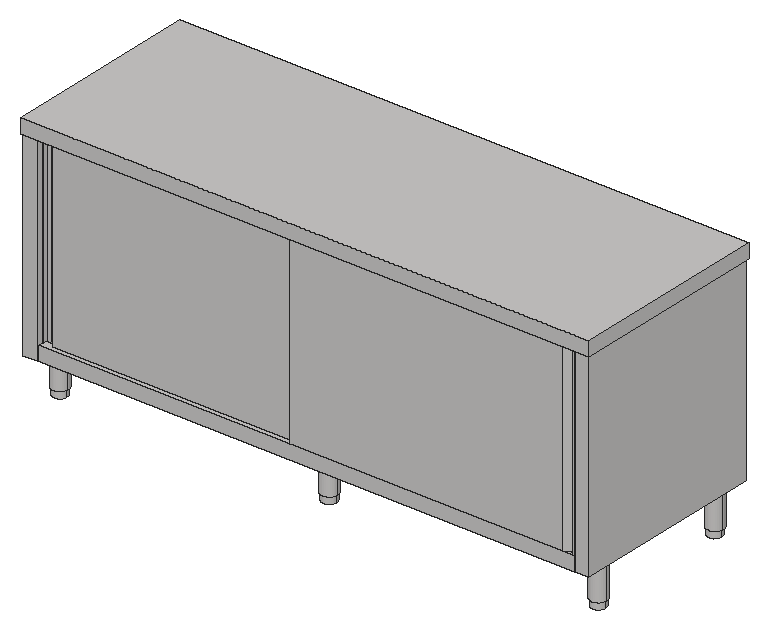
Revit family "QF_ELECTROLUXPROFESSIONAL_132775_MTN2000PN", category Attrezzature speciali, Revit 2020
Family settings
  Quota connettore circolare = Usa diametro
  Tipo di parte = Normale
  Basato su piano di lavoro = No
  Sempre verticale = Sì
  Taglio con vuoti quando caricato = No
  Condiviso = No
  Punto di calcolo locali = No
Parameters (values of type "Standard")
  Weight = 75.00 kg
  Watts = 0 W
  Volts = 0 V
  URL Manufacturer = "https://www.electroluxprofessional.com/"
  URL = "https://www.electroluxprofessional.com/"
  Steam Supply Size = 0 mm
  Steam Supply Minimum Pressure = 0.0 Pa
  Steam Supply Maximum Pressure = 0.0 Pa
  Steam Consumption per Hour = 0
  Refrigeration Suction Line Size = 0.0 mm
  Refrigeration Liquid Line Size = 0.0 mm
  Refrigerant Compressor Remote = yes
  Prospetto di default = 0.0 mm
  Produttore = "Electrolux Professional"
  Phase = 0
  Modello = "MTN2000PN"
  Length Actual = 2000.0 mm  # constant formula
  Item Number = "132775"
  Hot Water Size = 0 mm
  Height Actual = 900.0 mm  # constant formula
  HP = "0 HP"
  Gas Size = 0 mm
  Gas KW = 0
  Gas Input Pressure = 0 W
  Direct Waste Size = 0 mm
  Descrizione = "WORKTOP CUPB.+SHELF+SLIDING DOORS 2000MM"
  Depth Actual = 700.0 mm  # constant formula
  Cycle = 0 Hz
  Condensate Return Size = 0 mm
  Compressed Air Volume = 0.0 L/s
  Compressed Air Size = 0 mm
  Compressed Air Pressure = 0.0 Pa
  Cold Water Size = 0 mm
  Accessory = yes
Reference planes
  plane 1 "Center (Front/Back)": y = 0
  plane 2: z = 0
  plane 3 "Center (Left/Right)": x = -500
  plane 4 "LEFT": x = -1500
  plane 5 "RIGHT": x = 500
  plane 6 "BACK": y = 350
  plane 7 "FRONT": y = -350
  plane 8 "Base": z = 850
  plane 9 "TOP": z = 900
  plane 10: x = -1446.9
  plane 11: x = 446.9
  plane 12: y = 270
  plane 13: y = -241.9
  plane 14 "BodyLeft": x = -1494.5
  plane 15 "BodyFront": y = -344.5
  plane 16 "BodyRight": x = 494.5
  plane 17 "BodyBack": y = 344.5
  plane 18 "FEET": z = 150
  plane 19: x = -444.5
  plane 20: x = -555.5
Forms (mm)
  Extrusion 1, solid, material "QF_Finishes_Stainless Steel"
    sketch origin (-500, 0, 0) x (0, 1, 0) y (0, 0, 1)
      loop
        line (-350, 850) -> (350, 850) -> (350, 900) -> (-350, 900) -> (-350, 850)
    from 1000 to -1000
  Extrusion 2, solid, material "QF_Finishes_Stainless Steel"
    sketch origin (0, 0, 150) x (-1, 0, 0) y (0, -1, 0)
      loop
        line (1494.5, -344.5) -> (1494.5, 344.5) -> (1444.5, 344.5) -> (1444.5, -344.5) -> (1494.5, -344.5)
      loop
        line (-444.5, -344.5) -> (-444.5, 344.5) -> (-494.5, 344.5) -> (-494.5, -344.5) -> (-444.5, -344.5)
    from 0 to 700
  Extrusion 3, solid, material "QF_Finishes_Stainless Steel"
    sketch origin (0, 0, 150) x (-1, 0, 0) y (0, -1, 0)
      loop
        line (1443.585, -344.5) -> (1443.585, 344.5) -> (-444.5, 344.5) -> (-444.5, -344.5) -> (1443.585, -344.5)
    from 0 to 50
  Extrusion 4, solid, material "QF_Finishes_Stainless Steel"
    sketch origin (0, 0, 150) x (-1, 0, 0) y (0, -1, 0)
      loop
        line (1443.585, -344.5) -> (1443.585, -294.5) -> (-444.5, -294.5) -> (-444.5, -344.5) -> (1443.585, -344.5)
    from 50 to 700
  Extrusion 5, solid, material "QF_Finishes_Stainless Steel"
    sketch origin (0, 0, 150) x (-1, 0, 0) y (0, -1, 0)
      loop
        line (-444.5, 344.5) -> (-444.5, 324.5) -> (555.5, 324.5) -> (555.5, 344.5) -> (-404.5, 344.5) -> (-424.5, 329.5) -> (-439.5, 329.5) -> (-439.5, 344.5) -> (-444.5, 344.5)
    from 50 to 700
  Extrusion 6, solid, material "QF_Finishes_Stainless Steel"
    sketch origin (0, 20, 150) x (1, 0, 0) y (0, 1, 0)
      loop
        line (-1444.5, -344.5) -> (-1439.5, -344.5) -> (-1439.5, -329.5) -> (-1424.5, -329.5) -> (-1404.5, -344.5) -> (-444.5, -344.5) -> (-444.5, -324.5) -> (-1444.5, -324.5) -> (-1444.5, -344.5)
    from 50 to 700
Lines and regions (mm)
  symbolic lines
    curve 1: line (500, 350, 900) -> (-1500, 350, 900)
    curve 2: line (-1500, 350, 900) -> (-1500, -350, 900)
    curve 3: line (-1500, -350, 900) -> (500, -350, 900)
    curve 4: line (500, -350, 900) -> (500, 350, 900)
  symbolic lines, style "SpecialityEquipmentHiddenLines"
    curve 5: line (-1494.5, 344.5, 150) -> (494.5, 344.5, 150)
    curve 6: line (-1494.5, -344.5, 150) -> (-1494.5, 344.5, 150)
    curve 7: line (494.5, -344.5, 150) -> (-1494.5, -344.5, 150)
    curve 8: line (494.5, 344.5, 150) -> (494.5, -344.5, 150)
    curve 9: line (-1444.5, -304.5, 150) -> (-444.5, -304.5, 150)
    curve 10: line (-444.5, -304.5, 150) -> (-444.5, -324.5, 150)
    curve 11: line (-1444.5, -324.5, 150) -> (444.5, -324.5, 150)
    curve 12: line (444.5, -324.5, 150) -> (444.5, -344.5, 150)
    curve 13: line (-555.5, -324.5, 150) -> (-555.5, -344.5, 150)
    curve 14: line (-1444.5, -304.5, 150) -> (-1444.5, -324.5, 150)
Dimensions and locks
  plane 4 "LEFT" to plane 5 "RIGHT" = 2000.0 mm
  equal spacing: plane 4 "LEFT", plane 3 "Center (Left/Right)", plane 5 "RIGHT"
  locked: plane 8 "Base" to level at 850
  plane 9 "TOP" to level = 900.0 mm
  plane 6 "BACK" to plane 7 "FRONT" = 700.0 mm
  equal spacing: plane 6 "BACK", plane 1 "Center (Front/Back)", plane 7 "FRONT"
  locked: plane 4 "LEFT" to plane 14 "BodyLeft" at 5.5
  locked: plane 16 "BodyRight" to plane 5 "RIGHT" at 5.5
  locked: plane 15 "BodyFront" to plane 7 "FRONT" at 5.5
  locked: plane 6 "BACK" to plane 17 "BodyBack" at 5.5
  locked: plane 14 "BodyLeft" to plane 10 at 47.6
  locked: plane 11 to plane 16 "BodyRight" at 47.6
  locked: plane 13 to plane 15 "BodyFront" at 102.6
  locked: plane 17 "BodyBack" to plane 12 at 74.5
  plane 10 to plane 11 = 1893.8 mm
  plane 12 to plane 13 = 511.9 mm
  locked: plane 14 "BodyLeft" to Extrusion 2 sketch curve at 50
  locked: Extrusion 2 sketch curve to Extrusion 2 sketch curve at 50
  Extrusion 3 to Extrusion 4 sketch curve = 50.0 mm
  Extrusion 2 to plane 19 = 1000.0 mm
  plane 20 to Extrusion 2 = 1000.0 mm
  locked: plane 18 "FEET" to level at 150
  aligned and locked: level to plane 2
  aligned and locked: plane 10 to nested 1
  aligned and locked: nested 1 to plane 13
  aligned and locked: plane 11 to nested 2
  aligned and locked: nested 2 to plane 13
  aligned and locked: plane 11 to nested 4
  aligned and locked: nested 4 to plane 12
  aligned and locked: plane 10 to nested 3
  aligned and locked: nested 3 to plane 12
  aligned and locked: Extrusion 1 to plane 4 "LEFT"
  aligned and locked: plane 5 "RIGHT" to Extrusion 1
  aligned and locked: curve 2 to plane 4 "LEFT"
  aligned and locked: plane 17 "BodyBack" to Extrusion 2 sketch curve
  aligned and locked: Extrusion 2 sketch curve to plane 15 "BodyFront"
  aligned and locked: Extrusion 2 sketch curve to plane 14 "BodyLeft"
  aligned and locked: plane 16 "BodyRight" to Extrusion 2 sketch curve
  aligned and locked: Extrusion 2 sketch curve to plane 17 "BodyBack"
  aligned and locked: plane 15 "BodyFront" to Extrusion 2 sketch curve
  aligned and locked: Extrusion 3 sketch curve to plane 17 "BodyBack"
  aligned and locked: plane 15 "BodyFront" to Extrusion 3 sketch curve
  aligned and locked: plane 8 "Base" to Extrusion 2
  aligned and locked: Extrusion 4 sketch curve to Extrusion 3
  aligned and locked: plane 8 "Base" to Extrusion 5
  aligned and locked: Extrusion 5 to Extrusion 3
  aligned and locked: Extrusion 6 sketch curve to plane 19
  aligned and locked: Extrusion 5 sketch curve to plane 20
  aligned and locked: Extrusion 1 to plane 8 "Base"
  aligned and locked: plane 9 "TOP" to Extrusion 1
  aligned and locked: curve 5 to plane 17 "BodyBack"
  aligned and locked: plane 14 "BodyLeft" to curve 6
  aligned and locked: plane 15 "BodyFront" to curve 7
  aligned and locked: plane 16 "BodyRight" to curve 8
  aligned and locked: plane 3 "Center (Left/Right)" to nested 5
  aligned and locked: plane 3 "Center (Left/Right)" to nested 6
Automatic sketch dimensions
  curve 3 to plane 7 "FRONT" = 0.0 mm
  curve 4 to plane 6 "BACK" = 0.0 mm
  Extrusion 1 sketch curve to plane 7 "FRONT" = 0.0 mm
  plane 9 "TOP" to Extrusion 1 sketch curve = 0.0 mm
  Extrusion 1 sketch curve to plane 6 "BACK" = 0.0 mm
  Extrusion 1 sketch curve to plane 8 "Base" = 0.0 mm
  Extrusion 5 sketch curve to plane 15 "BodyFront" = 0.0 mm  (x2)
  Extrusion 5 sketch curve to plane 11 = 2.4 mm
  Extrusion 5 sketch curve to Extrusion 5 sketch curve = 5.0 mm
  Extrusion 5 sketch curve to Extrusion 5 sketch curve = 15.0 mm
  Extrusion 5 sketch curve to Extrusion 5 sketch curve = 20.0 mm
  plane 15 "BodyFront" to Extrusion 5 sketch curve = 15.0 mm
  plane 15 "BodyFront" to Extrusion 5 sketch curve = 20.0 mm
  Extrusion 6 sketch curve to plane 15 "BodyFront" = 20.0 mm  (x2)
  Extrusion 6 sketch curve to plane 10 = 2.4 mm
  Extrusion 6 sketch curve to Extrusion 6 sketch curve = 5.0 mm
  Extrusion 6 sketch curve to Extrusion 6 sketch curve = 15.0 mm
  Extrusion 6 sketch curve to Extrusion 6 sketch curve = 20.0 mm  (x2)
  Extrusion 6 sketch curve to plane 15 "BodyFront" = 35.0 mm
  Extrusion 3 sketch curve to plane 11 = 2.4 mm
  plane 10 to Extrusion 3 sketch curve = 3.315 mm
  Extrusion 4 sketch curve to plane 11 = 2.4 mm
  plane 10 to Extrusion 4 sketch curve = 3.315 mm
  curve 10 to plane 19 = 0.0 mm
  curve 13 to plane 20 = 0.0 mm
  curve 11 to plane 11 = 2.4 mm
  plane 15 "BodyFront" to curve 9 = 40.0 mm
  curve 12 to curve 12 = 20.0 mm
  plane 10 to curve 14 = 2.4 mm
  curve 4 to plane 5 "RIGHT" = 0.0 mm
Nested families
  nested 1: "FEET_D58-150" at (-1446.9, -241.9, 0), type "FEET_D58-150"
  nested 2: "FEET_D58-150" at (446.9, -241.9, 0), type "FEET_D58-150"
  nested 3: "FEET_D58-150" at (-1446.9, 270, 0), type "FEET_D58-150"
  nested 4: "FEET_D58-150" at (446.9, 270, 0), type "FEET_D58-150"
  nested 5: "FEET_D58-150" at (-500, -241.9, 0), type "FEET_D58-150"
  nested 6: "FEET_D58-150" at (-500, 270, 0), type "FEET_D58-150"
Definition of nested family "FEET_D58-150"
  Parameters
    Default Elevation = 0.0 mm
    FEET = 150.0 mm
  Reference planes
    plane 1 "Center (Front/Back)": y = 0
    plane 2: z = 0
    plane 3 "Center (Left/Right)": x = 0
    plane 4: z = 150
  Forms (mm)
    Extrusion 1, solid
      sketch origin (0, 0, 0) x (1, 0, 0) y (0, 1, 0)
        loop
          circle (0, 0) r 25
      from 0 to 25
    Extrusion 2, solid
      sketch origin (0, 0, 0) x (1, 0, 0) y (0, 1, 0)
        loop
          circle (0.061, 0) r 29
      from 25 to 150 <- "FEET"
  Lines and regions (mm)
    symbolic lines
      curve 1: line (0, -1.503, 0) -> (0, 1.508, 0)
      curve 2: line (1.561, 0, 0) -> (-1.439, 0, 0)
  Dimensions and locks
    "FEET": plane 4 to plane 2
    aligned and locked: level to plane 2
  Automatic sketch dimensions
    plane 1 "Center (Front/Back)" to Extrusion 1 sketch curve = 0.0 mm
    Extrusion 1 sketch curve to plane 3 "Center (Left/Right)" = 0.0 mm
    plane 1 "Center (Front/Back)" to curve 2 = 0.0 mm
    curve 1 to plane 3 "Center (Left/Right)" = 0.0 mm
    curve 2 to plane 3 "Center (Left/Right)" = 1.439 mm
    plane 3 "Center (Left/Right)" to curve 2 = 1.561 mm
    plane 1 "Center (Front/Back)" to curve 1 = 1.503 mm
    curve 1 to plane 1 "Center (Front/Back)" = 1.508 mm
    plane 1 "Center (Front/Back)" to Extrusion 2 sketch curve = 0.0 mm
    plane 3 "Center (Left/Right)" to Extrusion 2 sketch curve = 0.061 mm
    radius of Extrusion 1 sketch curve = 25.0 mm
    radius of Extrusion 2 sketch curve = 29.0 mm
